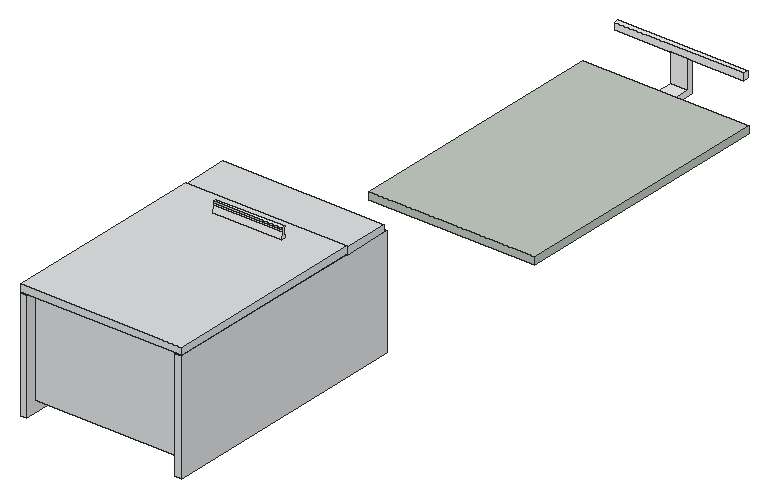
Revit family "CabinetUnit1doors_40cm_Ultra-flatMirror_LEDwalllamp_Vitra_75022", category Furniture Systems, host Face, Revit 2017
Family settings
  Host = Face
  Round Connector Dimension = Use Diameter
  Part Type = Normal
  OmniClass Number = 23.40.00.00
  OmniClass Title = Equipment and Furnishings
  Cut with Voids When Loaded = No
  Shared = Yes
  Room Calculation Point = No
Parameters (values of type "CabinetUnit1doors_40cm_Ultra-flatMirror_LEDwalllamp_Vitra_75022")
  Youtube = "https://www.youtube.com/user/VitrAglobal"
  Width(mm) = 800 mm
  Weight Net (kg) = ""
  Warranty Period (Year) = "2"
  Voltage = "220V"
  Uniformat II Description = "Furnishings"
  Uniformat II Code = "E20"
  Uniclass 2015 Name = "Bathroom cabinets"
  Uniclass 2015 Code = "Pr_40_30_78_03"
  Uniclass 2.0 Description = "Bathroom Cabinets"
  Uniclass 1.4 Description = "Cabinets"
  Uniclass 2.0 Code = "PR-35-75-08"
  Uniclass 1.4 Code = "L72141"
  URL = "https://vitraglobal.com/"
  UNSPSC Description = "Bathroom cabinets"
  UNSPSC Code = "30161801"
  Third Material = Chrome
  Technical description = "http://cdn.vitra.com.tr/501-75022-2A.jpg"
  Tap hole Options (default) = ""
  Specification = ""
  Secondary Material = Mirror
  Region South America = "All"
  Region Oceania = "All"
  Region North America = "All"
  Region Middle East = "All"
  Region Europe = "All"
  Region Asia = "All"
  Region Antarctica = "All"
  Region Africa = "All"
  Product group = "Bathroom Furniture"
  Product family = "MIA"
  Product data url = "https://www.vitra-bad.fr/fr/produits-sanitaires/page-de-detail/product/mia-set-de-meuble-avec-porte-blanc-40-cm.html"
  Product certification = ""
  Product SKU = "75022"
  Product Guid = ""
  Primary Material = MattWhite
  OmniClass Description = "Medicine Cabinets"
  OmniClass Code = "23-25 53 11 13 11"
  Nominal width = "0.000"
  Nominal height = "0.000"
  NBS Referans Description = "Bathroom Cabinets"
  NBS Referans Code = "35-75-08"
  Model = ""
  Masterformat 2014 Description = "Storage Cabinets"
  Masterformat 2014 Code = "41 53 13"
  Manufacturer name = "Vitra"
  Manufacturer = "Vitra"
  Lighting Type = "Ambiance Led Lighting"
  Installation instructions = ""
  IFC Classification = "Furnishing Element"
  Help = ""
  Height(mm) = 700 mm
  Design country = "Turkey"
  Description = "CabinetUnit1doors_40cm_Ultra-flatMirror_LEDwalllamp"
  Depth(mm) = 150 mm
  Default Elevation = 660 mm
  Construction Type = "Wall Mounted"
  Color = "White"
  COBIe Type Category = ""
  BIMobject category = "Storage"
  Article No. (default) = "75022"
  Accessories (default) = ""
Types (4, lengths in mm): name | Technical description | Product data url | Product SKU | Primary Material | Color | Article No. (default)
  (no name) | "http://cdn.vitra.com.tr/501-75022-2A.jpg" | "https://www.vitra-bad.fr/fr/produits-sanitaires/page-de-detail/product/mia-set-de-meuble-avec-porte-blanc-40-cm.html" | "75022" | MattWhite | "White" | "75022"
  CabinetUnit1doors_40cm_Ultra-flatMirror_LEDwalllamp_Vitra_75022 | "http://cdn.vitra.com.tr/501-75022-2A.jpg" | "https://www.vitra-bad.fr/fr/produits-sanitaires/page-de-detail/product/mia-set-de-meuble-avec-porte-blanc-40-cm.html" | "75022" | MattWhite | "White" | "75022"
  CabinetUnit1doors_40cm_Ultra-flatMirror_LEDwalllamp_Vitra_75064 | "http://cdn.vitra.com.tr/501-75064-2A.jpg" | "https://www.vitra-bad.fr/fr/produits-sanitaires/page-de-detail/product/mia-set-de-meuble-avec-porte-cordoba-40-cm.html" | "75064" | Grey Oak | "Gray Oak" | "75064"
  CabinetUnit1doors_40cm_Ultra-flatMirror_LEDwalllamp_Vitra_75065 | "http://cdn.vitra.com.tr/501-75065-2A.jpg" | "https://www.vitra-bad.fr/fr/produits-sanitaires/page-de-detail/product/mia-set-de-meuble-avec-porte-anthracite-40-cm.html" | "75065" | Gray Anthracite | "Gray Anthracite" | "75065"
Reference planes
  plane 1 "Center (Front/Back)": y = 0
  plane 2: z = -0.016
  plane 3 "Center (Left/Right)": x = -97.449
  plane 4: z = 149.984
Forms (mm)
  Extrusion 1, solid, material "Mirror" <- "Secondary Material"
    sketch origin (-99.3, 167, 0.115) x (0, 1, 0) y (-1, 0, 0)
      loop
        line (-1, -192.5) -> (619, -192.5) -> (619, 192.5) -> (-1, 192.5) -> (-1, -192.5)
    from 0 to 16
  Extrusion 2, solid, material "Chrome" <- "Third Material"
    sketch origin (-250.659, 827, 48.074) x (0, 0, 1) y (1, 0, 0)
      loop
        line (45.057, 300) -> (29.057, 300) -> (29.057, 171.359) -> (29.057, 0) -> (45.057, 0) -> (45.057, 300)
    from 0 to 11
  Extrusion 3, solid, material "Chrome" <- "Third Material"
    sketch origin (-79.3, 827, 40.8) x (0, 0, 1) y (0, 1, 0)
      loop
        line (36.331, 0) -> (36.331, 11) -> (-40.669, 11) -> (-40.669, -36) -> (-28.669, -36) -> (-28.669, 0) -> (36.331, 0)
    from 0 to 40
  Extrusion 4, solid, material "Chrome" <- "Third Material"
    sketch origin (-99.3, 786, 0.131) x (0, 1, 0) y (-1, 0, 0)
      loop
        line (5, 20) -> (5, 40) -> (0, 40) -> (0, -40) -> (5, -40) -> (5, -20) -> (5, 20)
    from 0 to 12
  Extrusion 5, solid, material "MattWhite" <- "Primary Material"
    sketch origin (72.2, -238.121, 127.631) x (0, 0, -1) y (-1, 0, 0)
      loop
        line (-127.5, -16) -> (127.5, -16) -> (127.5, 0) -> (-127.5, 0) -> (-127.5, -16)
      loop
        line (127.5, 343) -> (127.5, 359) -> (-127.5, 359) -> (-127.5, 343) -> (127.5, 343)
    from -19.939 to -615.939
  Extrusion 6, solid, material "MattWhite" <- "Primary Material"
    sketch origin (-285.3, -263.5, 263.131) x (0, 0, -1) y (1, 0, 0)
      loop
        line (-8, -1.5) -> (8, -1.5) -> (8, 373.5) -> (-8, 373.5) -> (-8, -1.5)
    from 2.25 to 107.951
  Extrusion 7, solid, material "MattWhite" <- "Primary Material"
    sketch origin (-285.3, -373, 265.131) x (0, 0, -1) y (1, 0, 0)
      loop
        line (-8, -1.5) -> (8, -1.5) -> (8, 373.5) -> (-8, 373.5) -> (-8, -1.5)
    from 0 to 481.061
  Extrusion 8, solid, material "Chrome" <- "Third Material"
    sketch origin (-19.8, -423.5, 273.231) x (0, 1, 0) y (0, 0, 1)
      loop
        line (5, -0.1) -> (2.164, 14.735)
        arc (2.164, 14.735) -> (1.99, 16.893) -> (2.285, 19.038) r 10
        line (2.285, 19.038) -> (3.5, 23.9) -> (-3.5, 23.9) -> (-2.285, 19.038)
        arc (-2.285, 19.038) -> (-1.99, 16.893) -> (-2.164, 14.735) r 10
        line (-2.164, 14.735) -> (-5, -0.1) -> (5, -0.1)
    from 0 to -159
  Extrusion 9, solid, material "MattWhite" <- "Primary Material"
    sketch origin (72.2, -238.121, 255.131) x (0, 0, -1) y (0, -1, 0)
      loop
        line (1, 579) -> (211, 579) -> (211, 417) -> (227, 417) -> (227, 595) -> (1, 595) -> (1, 579)
      loop
        line (225, 305) -> (225, 321) -> (15, 321) -> (15, 305) -> (225, 305)
    from 0 to 343
Dimensions and locks
  "Depth(mm)": plane 4 to host face
  aligned and locked: plane 2 to host face
  aligned and locked: level to host face
  aligned and locked: Extrusion 5 to Extrusion 7  (x2)
  aligned and locked: Extrusion 3 to Extrusion 4
  aligned and locked: Extrusion 9 to Extrusion 5  (x2)
  aligned and locked: Extrusion 5 to Extrusion 6  (x3)
  aligned and locked: Extrusion 7 to Extrusion 5
  aligned and locked: Extrusion 8 to Extrusion 7
Automatic sketch dimensions
  host sketch curve to host sketch curve = 2438.4 mm  (x2)
  Extrusion 1 sketch curve to plane 1 "Center (Front/Back)" = 166 mm
  plane 4 to Extrusion 2 sketch curve = 72.853 mm
  Extrusion 2 sketch curve to Extrusion 2 sketch curve = 16 mm
  level to Extrusion 3 sketch curve = 0.131 mm
  Extrusion 3 sketch curve to Extrusion 3 sketch curve = 12 mm
  Extrusion 3 sketch curve to Extrusion 3 sketch curve = 65 mm
  Extrusion 3 sketch curve to Extrusion 3 sketch curve = 36 mm
  Extrusion 3 sketch curve to Extrusion 3 sketch curve = 11 mm
  Extrusion 4 sketch curve to Extrusion 4 sketch curve = 5 mm
  Extrusion 4 sketch curve to Extrusion 4 sketch curve = 20 mm  (x2)
  Extrusion 4 sketch curve to Extrusion 4 sketch curve = 40 mm
  Extrusion 5 sketch curve to plane 4 = 105.147 mm  (x2)
  level to Extrusion 5 sketch curve = 0.131 mm  (x2)
  Extrusion 5 sketch curve to Extrusion 5 sketch curve = 16 mm  (x2)
  Extrusion 6 sketch curve to plane 4 = 121.147 mm
  Extrusion 6 sketch curve to Extrusion 6 sketch curve = 16 mm
  Extrusion 7 sketch curve to plane 4 = 123.147 mm
  Extrusion 7 sketch curve to Extrusion 7 sketch curve = 16 mm
  Extrusion 8 sketch curve to Extrusion 8 sketch curve = 6.986 mm
  Extrusion 8 sketch curve to Extrusion 8 sketch curve = 8.486 mm
  Extrusion 8 sketch curve to Extrusion 8 sketch curve = 1.215 mm  (x2)
  Extrusion 8 sketch curve to Extrusion 8 sketch curve = 0.121 mm  (x2)
  Extrusion 8 sketch curve to Extrusion 8 sketch curve = 4.328 mm
  Extrusion 8 sketch curve to Extrusion 8 sketch curve = 10 mm
  Extrusion 8 sketch curve to Extrusion 8 sketch curve = 9.701 mm
  Extrusion 8 sketch curve to plane 4 = 123.147 mm
  Extrusion 8 sketch curve to Extrusion 8 sketch curve = 14.835 mm
  Extrusion 8 sketch curve to Extrusion 8 sketch curve = 0 mm
  Extrusion 8 sketch curve to Extrusion 8 sketch curve = 1.878 mm  (x2)
  Extrusion 8 sketch curve to Extrusion 8 sketch curve = 4.862 mm
  Extrusion 9 sketch curve to Extrusion 5 = 1 mm
  Extrusion 9 sketch curve to Extrusion 5 = 15 mm
  Extrusion 5 to Extrusion 9 sketch curve = 44 mm
  Extrusion 5 to Extrusion 9 sketch curve = 30 mm
  Extrusion 9 sketch curve to Extrusion 9 sketch curve = 16 mm  (x3)
  Extrusion 5 to Extrusion 9 sketch curve = 285.061 mm
  Extrusion 9 sketch curve to Extrusion 9 sketch curve = 96 mm
  Extrusion 5 to Extrusion 9 sketch curve = 36.939 mm
  Extrusion 1 sketch curve to Extrusion 1 sketch curve = 620 mm
  Extrusion 3 sketch curve to plane 1 "Center (Front/Back)" = 791 mm
  Extrusion 4 sketch curve to plane 1 "Center (Front/Back)" = 786 mm
  plane 1 "Center (Front/Back)" to Extrusion 8 sketch curve = 435.486 mm
  Extrusion 2 sketch curve to Extrusion 2 sketch curve = 128.641 mm
  plane 3 "Center (Left/Right)" to Extrusion 1 sketch curve = 190.649 mm
  Extrusion 1 sketch curve to plane 3 "Center (Left/Right)" = 194.351 mm
  Extrusion 2 sketch curve to plane 3 "Center (Left/Right)" = 153.21 mm
  plane 3 "Center (Left/Right)" to Extrusion 2 sketch curve = 18.149 mm
  plane 3 "Center (Left/Right)" to Extrusion 4 sketch curve = 38.149 mm
  plane 3 "Center (Left/Right)" to Extrusion 5 sketch curve = 185.649 mm
  Extrusion 5 sketch curve to plane 3 "Center (Left/Right)" = 173.351 mm
  Extrusion 6 sketch curve to plane 3 "Center (Left/Right)" = 189.351 mm
  plane 3 "Center (Left/Right)" to Extrusion 6 sketch curve = 185.649 mm
  Extrusion 7 sketch curve to plane 3 "Center (Left/Right)" = 189.351 mm
  plane 3 "Center (Left/Right)" to Extrusion 7 sketch curve = 185.649 mm
Connectors
  electrical at (-99.3, 476, 0.115)
    settings: on Extrusion 1, index 1, voltage 220 V, apparent load 0 VA, apparent load phase1 0 VA, apparent load phase2 0 VA, apparent load phase3 0 VA, power factor 1, load classification "Power", number of poles 1, system type 31, power factor state 1, is connector primary yes, connector utility no, sub classification motor no, connector description "Ambiance Led Lighting"
